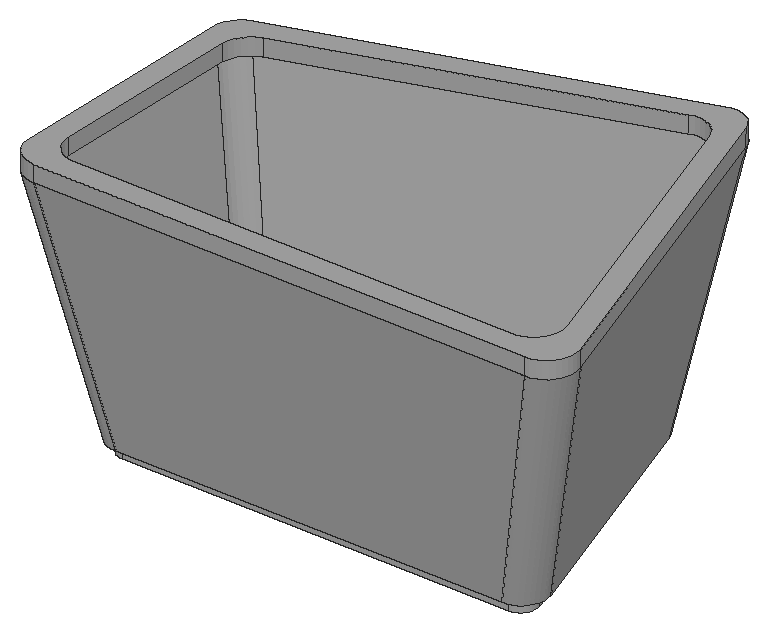
Revit family "L-FUR_벤치_YB-325PL_예건", category 일반 모델, Revit 2021
Family settings
  보강 철근 호스트 가능 = 아니오
  원형 커넥터 치수 = 지름 사용
  부품 유형 = 보통
  작업 기준면 기반 = 아니오
  항상 수직 = 예
  로드될 때 보이드를 사용하여 절단 = 아니오
  공유 = 아니오
  룸 계산 점 = 아니오
Parameters
  한국산업규격KS = ""
  조달청표준공사코드-세부공종 = ""
  기본 입면도 = 0 mm
  건설정보분류체계-부위분류 = "E943"
  LIM_INFO_주의사항 = "재배포, 재가공, 판매 금지"
  LIM_INFO_제품업체 = "예건"
  LIM_INFO_제품번호 = "YF-16"
  LIM_INFO_제품명 = "펜스_YF-16"
  LIM_INFO_제작일 = "20230315"
  LIM_INFO_재료 = "Hardwood, STL-pipe, STL-plate"
  LIM_INFO_업체정보 = ""
  LIM_INFO_업체URL = "https://yekun.com/"
  LIM_INFO_업체TEL = "(+82)31-943-6114"
  LIM_INFO_업체EMAIL = "yekun@yekun.com"
  LIM_INFO_버전 = "2023_V01"
  LIM_INFO_기타정보 = ""
  LIM_INFO_규격 = "W2000 x H1800"
  LIM_INFO_가격 = 0
  LIM_INFO_PV_포장재여부 = yes
  LIM_INFO_PV_면적 = 0.00 m²
  KBIMS_식별-버전 = ""
  KBIMS_식별-bSK등록번호 = ""
  KBIMS_보급정보-저작자 = "림인포테크_MMJ"
  KBIMS_보급정보-보급코드 = ""
Reference planes
  plane 1 "중심(앞/뒤)": y = 0
  plane 2: z = 0
  plane 3 "중심(왼쪽/오른쪽)": x = 0
Dimensions and locks
  aligned and locked: level to plane 2
Nested families
  nested 1: "YB-325PL_base" at (0, 0, 0), type "YB-325PL_base"
Definition of nested family "YB-325PL_base"
  Parameters (values of type "YB-325PL_base")
    Default Elevation = 0 mm
  Reference planes
    plane 1 "중심(앞/뒤)": y = 0
    plane 2: z = 0
    plane 3 "중심(왼쪽/오른쪽)": x = 0
  Forms (mm)
    Blend 1, solid, detail levels fine
      base sketch origin (0, 0, 0) x (1, 0, 0) y (0, 1, 0)
        loop
          arc (115.25, 448.781) -> (93.421, 432.731) -> (85.098, 406.947) r 44.097
          line (85.098, 406.947) -> (85.098, 129.104)
          arc (85.098, 129.104) -> (98.013, 97.923) -> (129.194, 85.007) r 44.097
          line (129.194, 85.007) -> (820.968, 85.007)
          arc (820.968, 85.007) -> (856.741, 103.32) -> (862.802, 143.049) r 44.097
          line (862.802, 143.049) -> (710.271, 600.639)
          arc (710.271, 600.639) -> (688.158, 626.136) -> (654.493, 628.528) r 44.097
          line (654.493, 628.528) -> (115.25, 448.781)
      top sketch origin (0, 0, 0) x (1, 0, 0) y (0, 1, 0)
        loop
          line (702.656, 734.189) -> (34.279, 511.396)
          arc (34.279, 511.396) -> (9.528, 493.198) -> (0.09, 463.962) r 50
          line (0.09, 463.962) -> (0.09, 50)
          arc (0.09, 50) -> (14.735, 14.645) -> (50.09, 0) r 50
          line (50.09, 0) -> (930.719, 0)
          arc (930.719, 0) -> (971.281, 20.764) -> (978.153, 65.811) r 50
          line (978.153, 65.811) -> (765.902, 702.566)
          arc (765.902, 702.566) -> (740.828, 731.476) -> (702.656, 734.189) r 50
      from 20 to 460
    Extrusion 2, solid, detail levels fine
      sketch origin (0, 0, 0) x (1, 0, 0) y (0, 1, 0)
        loop
          arc (34.279, 511.396) -> (9.528, 493.198) -> (0.09, 463.962) r 50
          line (0.09, 463.962) -> (0.09, 50)
          arc (0.09, 50) -> (14.735, 14.645) -> (50.09, 0) r 50
          line (50.09, 0) -> (930.719, 0)
          arc (930.719, 0) -> (971.281, 20.764) -> (978.153, 65.811) r 50
          line (978.153, 65.811) -> (765.902, 702.566)
          arc (765.902, 702.566) -> (740.828, 731.476) -> (702.656, 734.189) r 50
          line (702.656, 734.189) -> (34.279, 511.396)
        loop
          line (677.358, 683.592) -> (74.279, 482.566)
          arc (74.279, 482.566) -> (49.528, 464.367) -> (40.09, 435.132) r 50
          line (40.09, 435.132) -> (40.09, 90)
          arc (40.09, 90) -> (54.735, 54.645) -> (90.09, 40) r 50
          line (90.09, 40) -> (875.222, 40)
          arc (875.222, 40) -> (915.784, 60.764) -> (922.656, 105.811) r 50
          line (922.656, 105.811) -> (740.603, 651.969)
          arc (740.603, 651.969) -> (715.53, 680.879) -> (677.358, 683.592) r 50
      from 460 to 490
    Extrusion 3, void
      sketch origin (0, 0, 0) x (1, 0, 0) y (0, 1, 0)
        loop
          line (704.553, 728.497) -> (36.176, 505.704)
          arc (36.176, 505.704) -> (14.396, 489.689) -> (6.09, 463.962) r 44
          line (6.09, 463.962) -> (6.09, 50)
          arc (6.09, 50) -> (18.978, 18.887) -> (50.09, 6) r 44
          line (50.09, 6) -> (930.719, 6)
          arc (930.719, 6) -> (966.414, 24.273) -> (972.461, 63.914) r 44
          line (972.461, 63.914) -> (760.21, 700.668)
          arc (760.21, 700.668) -> (738.145, 726.109) -> (704.553, 728.497) r 44
        loop
          line (675.46, 689.284) -> (72.381, 488.258)
          arc (72.381, 488.258) -> (44.661, 467.875) -> (34.09, 435.132) r 56
          line (34.09, 435.132) -> (34.09, 90)
          arc (34.09, 90) -> (50.492, 50.402) -> (90.09, 34) r 56
          line (90.09, 34) -> (875.222, 34)
          arc (875.222, 34) -> (920.651, 57.256) -> (928.348, 107.709) r 56
          line (928.348, 107.709) -> (746.296, 653.867)
          arc (746.296, 653.867) -> (718.213, 686.246) -> (675.46, 689.284) r 56
      from 460 to 484
    Blend 4, void
      base sketch origin (0, 0, 0) x (1, 0, 0) y (0, 1, 0)
        loop
          arc (117.147, 443.089) -> (98.289, 429.223) -> (91.098, 406.947) r 38.097
          line (91.098, 406.947) -> (91.098, 129.104)
          arc (91.098, 129.104) -> (102.256, 102.166) -> (129.194, 91.007) r 38.097
          line (129.194, 91.007) -> (820.968, 91.007)
          arc (820.968, 91.007) -> (851.873, 106.829) -> (857.109, 141.151) r 38.097
          line (857.109, 141.151) -> (704.579, 598.742)
          arc (704.579, 598.742) -> (685.475, 620.769) -> (656.39, 622.836) r 38.097
          line (656.39, 622.836) -> (117.147, 443.089)
      top sketch origin (0, 0, 0) x (1, 0, 0) y (0, 1, 0)
        loop
          arc (760.21, 700.668) -> (738.145, 726.109) -> (704.553, 728.497) r 44
          line (704.553, 728.497) -> (36.176, 505.704)
          arc (36.176, 505.704) -> (14.396, 489.689) -> (6.09, 463.962) r 44
          line (6.09, 463.962) -> (6.09, 50)
          arc (6.09, 50) -> (18.978, 18.887) -> (50.09, 6) r 44
          line (50.09, 6) -> (930.719, 6)
          arc (930.719, 6) -> (966.414, 24.273) -> (972.461, 63.914) r 44
          line (972.461, 63.914) -> (760.21, 700.668)
      from 26 to 460
    Blend 5, solid, detail levels fine
      base sketch origin (0, 0, 0) x (1, 0, 0) y (0, 1, 0)
        loop
          arc (359.319, 392.124) -> (342.458, 379.727) -> (336.028, 359.81) r 34.062
          line (336.028, 359.81) -> (336.028, 250)
          arc (336.028, 250) -> (346.005, 225.914) -> (370.09, 215.938) r 34.062
          line (370.09, 215.938) -> (526.743, 215.938)
          arc (526.743, 215.938) -> (554.375, 230.083) -> (559.057, 260.771) r 34.062
          line (559.057, 260.771) -> (510.449, 406.596)
          arc (510.449, 406.596) -> (493.367, 426.291) -> (467.363, 428.139) r 34.062
          line (467.363, 428.139) -> (359.319, 392.124)
      top sketch origin (0, 0, 0) x (1, 0, 0) y (0, 1, 0)
        loop
          arc (365.643, 373.151) -> (358.682, 368.033) -> (356.028, 359.81) r 14.062
          line (356.028, 359.81) -> (356.028, 250)
          arc (356.028, 250) -> (360.147, 240.057) -> (370.09, 235.938) r 14.062
          line (370.09, 235.938) -> (526.743, 235.938)
          arc (526.743, 235.938) -> (538.151, 241.778) -> (540.083, 254.447) r 14.062
          line (540.083, 254.447) -> (491.475, 400.272)
          arc (491.475, 400.272) -> (484.423, 408.403) -> (473.688, 409.165) r 14.062
          line (473.688, 409.165) -> (365.643, 373.151)
      from 6 to 56
    Blend 6, void
      base sketch origin (0, 0, 0) x (1, 0, 0) y (0, 1, 0)
        loop
          line (468.628, 424.344) -> (360.584, 388.33)
          arc (360.584, 388.33) -> (345.703, 377.388) -> (340.028, 359.81) r 30.062
          line (340.028, 359.81) -> (340.028, 250)
          arc (340.028, 250) -> (348.833, 228.743) -> (370.09, 219.938) r 30.062
          line (370.09, 219.938) -> (526.743, 219.938)
          arc (526.743, 219.938) -> (551.13, 232.422) -> (555.262, 259.507) r 30.062
          line (555.262, 259.507) -> (506.654, 405.331)
          arc (506.654, 405.331) -> (491.579, 422.713) -> (468.628, 424.344) r 30.062
      top sketch origin (0, 0, 0) x (1, 0, 0) y (0, 1, 0)
        loop
          arc (366.908, 369.356) -> (361.927, 365.694) -> (360.028, 359.81) r 10.062
          line (360.028, 359.81) -> (360.028, 250)
          arc (360.028, 250) -> (362.975, 242.885) -> (370.09, 239.938) r 10.062
          line (370.09, 239.938) -> (526.743, 239.938)
          arc (526.743, 239.938) -> (534.906, 244.117) -> (536.289, 253.182) r 10.062
          line (536.289, 253.182) -> (487.68, 399.007)
          arc (487.68, 399.007) -> (482.634, 404.825) -> (474.952, 405.371) r 10.062
          line (474.952, 405.371) -> (366.908, 369.356)
      from 0 to 50
    Extrusion 7, solid, detail levels fine
      sketch origin (0, 0, 0) x (1, 0, 0) y (0, 1, 0)
        loop
          line (659.553, 613.35) -> (120.309, 433.602)
          arc (120.309, 433.602) -> (106.401, 423.375) -> (101.098, 406.947) r 28.097
          line (101.098, 406.947) -> (101.098, 129.104)
          arc (101.098, 129.104) -> (109.327, 109.237) -> (129.194, 101.007) r 28.097
          line (129.194, 101.007) -> (820.968, 101.007)
          arc (820.968, 101.007) -> (843.761, 112.676) -> (847.623, 137.989) r 28.097
          line (847.623, 137.989) -> (695.092, 595.58)
          arc (695.092, 595.58) -> (681.003, 611.825) -> (659.553, 613.35) r 28.097
      from 0 to 20
    Extrusion 8, solid, detail levels coarse+medium
      sketch origin (0, 0, 0) x (1, 0, 0) y (0, 1, 0)
        loop
          line (101.098, 101.007) -> (859.95, 101.007) -> (686.208, 622.235) -> (101.098, 427.198) -> (101.098, 101.007)
      from 0 to 20
    Extrusion 9, solid, detail levels coarse+medium
      sketch origin (0, 0, 0) x (1, 0, 0) y (0, 1, 0)
        loop
          line (750.09, 750) -> (0.09, 500) -> (0.09, 0) -> (1000.09, 0) -> (750.09, 750)
        loop
          line (724.792, 699.404) -> (40.09, 471.17) -> (40.09, 40) -> (944.593, 40) -> (724.792, 699.404)
      from 0 to 490
    Extrusion 10, solid, detail levels coarse+medium
      sketch origin (0, 0, 0) x (1, 0, 0) y (0, 1, 0)
        loop
          line (40.09, 471.17) -> (40.09, 40) -> (944.593, 40) -> (724.792, 699.404) -> (40.09, 471.17)
      from 0 to 56
  Cuts and joins
    Extrusion 3, Blend 4, Blend 6 cuts Blend 1
    Extrusion 3, Blend 4 cuts Extrusion 2
    Blend 6 cuts Blend 5
    Blend 6 cuts Extrusion 7
  Lines and regions (mm)
    Filled region 1, type "YB-325PL.dwg-1", in view "참조 레벨"
      outline origin (0, 0, 0) x (1, 0, 0) y (0, 1, 0)
        loop
          line (-25960.319, -32109.741) -> (-25830.319, -32109.741) -> (-25810.319, -32059.741) -> (-25647.114, -32059.741) -> (-25626.032, -32109.741) -> (-25489, -32109.741) -> (-25489, -32089.741) -> (-25478.459, -32089.741) -> (-25394.132, -31649.741) -> (-25394.132, -31619.741) -> (-25436.295, -31619.741) -> (-25436.295, -31649.741) -> (-25429.971, -31649.741) -> (-25429.971, -31625.741) -> (-25400.456, -31625.741) -> (-25400.456, -31649.2) -> (-25483.737, -32083.741) -> (-25495.325, -32083.741) -> (-25495.325, -32103.741) -> (-25621.75, -32103.741) -> (-25642.832, -32053.741) -> (-25814.381, -32053.741) -> (-25834.381, -32103.741) -> (-25954.319, -32103.741) -> (-25954.319, -32083.741) -> (-25965.311, -32083.741) -> (-26044.319, -31649.2) -> (-26044.319, -31625.741) -> (-26016.319, -31625.741) -> (-26016.319, -31649.741) -> (-26010.319, -31649.741) -> (-26010.319, -31619.741) -> (-26050.319, -31619.741) -> (-26050.319, -31649.741) -> (-25970.319, -32089.741) -> (-25960.319, -32089.741) -> (-25960.319, -32109.741)
  Dimensions and locks
    aligned and locked: level to plane 2
